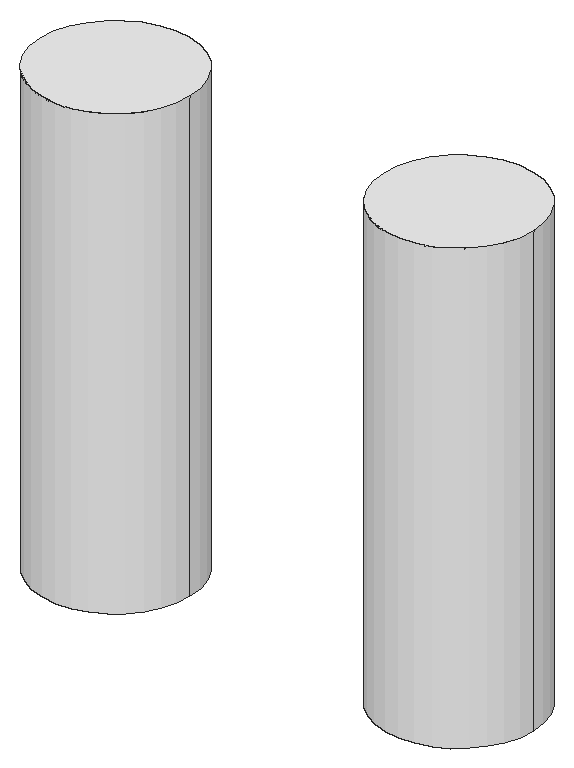
Revit family "0902228333", category Plumbing Fixtures, Revit 2020
Family settings
  Round Connector Dimension = Use Diameter
  Part Type = Normal
  OmniClass Number = 23.45.55.00
  OmniClass Title = Sanitary Faucets, Wastes
  Work Plane-Based = No
  Always vertical = Yes
  Cut with Voids When Loaded = No
  Shared = No
  Room Calculation Point = No
Parameters (values of type "0902228333 Washbasin faucet")
  Working Pressure = "100 - 1000 kPa"
  WarrantyStartDate [instance] = "n/a"
  WarrantyGuarantorParts = "n/a"
  WarrantyGuarantorLabor = "n/a"
  WarrantyDurationUnit = "Year"
  WarrantyDurationParts = "n/a"
  WarrantyDurationLabor = "n/a"
  WarrantyDescription = "http://warranty.hansa.com"
  Warranty Information URL = "http://warranty.hansa.com"
  VersionDate = "01/06/2023"
  Version = "1"
  ValvePattern = "n/a"
  ValveOperation = "n/a"
  ValveMechanism = "n/a"
  Uniclass2015Reference = "Pr_40_20_87_96"
  Uniclass2015Description = "Washbasin manual water supply sets"
  Uniclass2 = "Pr_40_30_96_96"
  URL UWL = "http://static.hansa.com/UWL/0902228333"
  URL REACH = "http://static.hansa.com/doc/reach"
  URL Materials Declaration = "http://www.hansa.com/fileadmin/resources/185611_0902228333_materialsdeclaration.pdf"
  URL KIWA = "http://static.hansa.com/Kiwa/0902228333"
  URL EcoLabel Declaration = "http://static.hansa.com/doc/EcoLabel"
  URL EU Packaging Declaration = "http://static.hansa.com/doc/packaging"
  URL Declaration of SCIP = "http://static.hansa.com/doc/SCIP"
  URL Declaration of Conformity = "http://static.hansa.com/DoC/0902228333"
  URL Declaration of Asbestos = "http://static.hansa.com/doc/asbestos"
  URL Declaration Of Performance (DOP) = "http://static.hansa.com/doc/DoP"
  URL DVGW = "http://static.hansa.com/DVGW/0902228333"
  URL = ""
  UNSPSC Class Number = "30181700 Faucets or taps"
  TestPressure = "n/a"
  Temperature Adjustments = "Limitation option for maximum temperature and flow-rate ;Adjustable hot water stop (included, retrofittable)"
  Technical DataSheet URL = "http://www.hansa.com/datasheet/0902228333/en"
  TagNumber [instance] = "n/a"
  SustainabilityPerformance = "n/a"
  Surface treatment = "Matt black"
  Spout Type = "Fixed spout"
  Spout Projection = "123 mm"
  Spare-Part Information URL = "http://static.hansa.com/sp/0902228333"
  Size = "50x160x165 mm"
  Shape = "Sculptured"
  SerialNumber [instance] = "n/a"
  Sales Package dimensions (LxWxH) = "380 x 180 x 74"
  Revision = "n/a"
  ReplacementCost = "n/a"
  ProductInformation = "n/a"
  Product URL = "http://static.hansa.com/0902228333"
  Product Image URL = "http://static.hansa.com/image/0902228333"
  Product Family = "HANSATWIST XL"
  Product Code = "0902228333"
  Pressure Loss With Flow 01ls = 200000.0 Pa
  OperatingMechanismMaterial = "n/a"
  NominalWidth = 48.471 mm
  NominalHeight = 162.546 mm
  NominalDepth = 160.28 mm
  Noise Class = "I (ISO 3822)"
  Name_en = "0902228333 Washbasin faucet"
  Name = "0902228333 Washbasin faucet"
  NBSReference = "45-35-70/371"
  NBSDescription = "Water supply fittings for wash basins and troughs"
  Mounting Holes = "1 hole"
  ModelReference = "0902228333"
  ModelNumber = "n/a"
  Model = "0902228333 Washbasin faucet"
  Mobile Product Information URL = "http://mpi.hansa.com/0902228333"
  Mechanical Parts = "ø 35 mm ceramic cartridge for flow and temperature control"
  Max. Hot Water Supply = 70 °C
  Material = "Brass"
  Market = "International;Germany;Austria;Belgium;Netherlands;Czech Republic;Slovakia;Italy"
  ManufacturerURL = "http://www.hansa.com"
  ManufacturerName = "HANSA"
  Manufacturer = "HANSA"
  Lever Handle = "Hot/Cold symbols;Single operating lever/handle"
  Keynote = ""
  Interactive AR View URL = "https://static.hansa.com/AR/0902228333"
  InstallationDate [instance] = "n/a"
  Installation and Maintenance Guide URL = "http://static.hansa.com/manual/0902228333"
  Installation Type = "Deck mounted"
  InletConnectionSize = 10 mm
  IfcExportType = "FAUCET"  # constant formula
  IfcExportAs = "IfcValveType"  # constant formula
  Group = "Washbasin faucet"
  Grade = "n/a"
  FlowCoefficient = 0
  Flow Rate At 300kPa With Flow Controller = 0.1 L/s
  Flow Drawing URL = "http://static.hansa.com/flowchart/0902228333"
  Finish = "Polished"
  Features = "Single-lever"
  FaucetMainMaterial = Brass
  FDV Document URL = "http://www.hansa.com/datasheet/0902228333/en/fdv"
  ExpectedLife = "n/a"
  Excluded Items = "Without pop-up waste;Without draw-rod opening"
  ETIM Class Number = "EC011328 Washbasin mixing tap"
  EN Standard = "EN 817"
  EAN Number = "4057304014338"
  DurationUnit = "Year"
  Dimension Drawing URL = "http://static.hansa.com/dimdrw/0902228333"
  Description = ""
  DefaultElevation [instance] = 900 mm
  Default Elevation = 0 mm
  Constituents = "n/a"
  Connection Size = "G3/8"
  Connection = "Flexible inlet pipes"
  Color = "Matt black"
  CodePerformance = "n/a"
  CloseOffRating = 0
  Category = "Washbasin"
  Catalog Drawing URL = "http://static.hansa.com/catdrw/0902228333"
  Brand = "HANSA"
  BodyMaterial = "Brass"
  Barcode [instance] = "n/a"
  Backflow Prevention EN1717 = "AA"
  BIMObjectName = "0902228333"
  Author = "BIMStone"
  AssetType = "Fixed"
  AssetIdentifier [instance] = "n/a"
  Approval KIWA = "K6116/08"
  Approval DVGW = "NW-6506CQ0410"
  Ambience photo = "http://static.hansa.com/ambience/0902228333"
  Aerator = "PCA® - constant flow rate regardless of pressure variations"
  Advanced Features = "Inner body made of DZR brass;Rapid installation system"
  AccessibilityPerformance = "n/a"
  3D View = "https://static.hansa.com/AR/0902228333"
  2D/3D/BIM Files URL = "http://static.hansa.com/bim/0902228333"
Reference planes
  plane 1 "Center (Front/Back)": y = 0
  plane 2: z = 0
  plane 3 "Center (Left/Right)": x = 0
  plane 4: x = -24.236
  plane 5: z = 900
  plane 6: z = 870
  plane 7: y = -160.28
  plane 8: x = 24.236
  plane 9: z = 1062.546
Forms (mm)
  Extrusion 1, solid, material "Brass" <- "FaucetMainMaterial"
    sketch origin (0, -1.749, 0) x (1, 0, 0) y (0, 1, 0)
      loop
        circle (-11.5, -22.5) r 5
      loop
        circle (11.5, -22.5) r 5
    from 870 to 900
Dimensions and locks
  "DefaultElevation": plane 5 to level
  locked: plane 5 to plane 6 at 30
  "NominalDepth": plane 7 to plane 1 "Center (Front/Back)"
  equal spacing: plane 4, plane 3 "Center (Left/Right)", plane 8
  "NominalHeight": plane 9 to plane 5
  "NominalWidth": plane 4 to plane 8
  "InletConnectionSize": diameter of Extrusion 1 sketch curve  (x2)
  aligned and locked: level to plane 2
  aligned and locked: plane 5 to Extrusion 1
  aligned and locked: Extrusion 1 to plane 6
  aligned and locked: nested 2 to plane 5
Automatic sketch dimensions
  Extrusion 1 sketch curve to plane 3 "Center (Left/Right)" = 11.5 mm
  plane 3 "Center (Left/Right)" to Extrusion 1 sketch curve = 11.5 mm
  plane 1 "Center (Front/Back)" to Extrusion 1 sketch curve = 24.249 mm
  Extrusion 1 sketch curve to Extrusion 1 sketch curve = 0 mm
Nested families
  nested 1: "Symbol" at (0, 0, 0), type "Symbol", detail levels coarse
  nested 2: "0902228333_p" at (0, 0, 900), Material <- "FaucetMainMaterial", type "0902228333_p"
    with Material Brass
Connectors
  piping at (-11.5, -24.249, 870), diameter 10, driven by "InletConnectionSize"
    settings: on Extrusion 1, index 1, connector inside diameter 609.6 mm, connector length 0 mm, flow factor 0, pipe flow 0.0 L/s, pressure drop 0.0 Pa, fitting loss kfactor 0, connector angle 0.00°, fixture units 0, engagement length 0 mm, angle of deflection 0.00°, flow configuration 1, flow direction 1, fitting loss method 0, system type 19, joint type 0, gender type 0, connector reference index -1, connector utility 0, adjustable connector no, is connector primary yes, connector description ""
  piping at (11.5, -24.249, 870), diameter 10, driven by "InletConnectionSize"
    settings: on Extrusion 1, index 2, connector inside diameter 609.6 mm, connector length 0 mm, flow factor 0, pipe flow 0.0 L/s, pressure drop 0.0 Pa, fitting loss kfactor 0, connector angle 0.00°, fixture units 0, engagement length 0 mm, angle of deflection 0.00°, flow configuration 1, flow direction 1, fitting loss method 0, system type 20, joint type 0, gender type 0, connector reference index -1, connector utility 0, adjustable connector no, is connector primary no, connector description ""
Definition of nested family "Symbol"
  Reference planes
    plane 1: y = 0
    plane 2: x = 0
  Lines and regions (mm)
    detail lines
      curve 1: line (0, 0, 0) -> (0, -1.8, 0)
      curve 2: line (-0.4, -1.1, 0) -> (0.4, -1.1, 0)
      curve 3: line (-0.4, -1.4, 0) -> (0.4, -1.4, 0)
      curve 4: line (0.863, 0, 0) -> (-0.863, 0, 0)
      curve 5: circle (-1.163, 0, 0) r 0.3 normal (0, 0, -1)
      curve 6: circle (1.163, 0, 0) r 0.3 normal (0, 0, 1)
